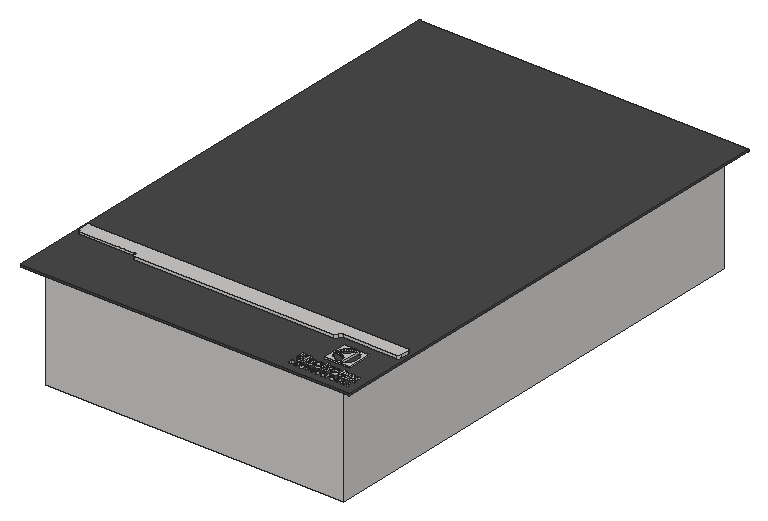
Revit family "QF_ELECTROLUXPROFESSIONAL_600882_E1HDDOMCT", category Specialty Equipment, Revit 2018
Family settings
  Round Connector Dimension = Use Diameter
  Part Type = Normal
  Work Plane-Based = No
  Always vertical = Yes
  Cut with Voids When Loaded = No
  Shared = No
  Room Calculation Point = No
Parameters (values of type "Standard")
  Watts = 0 W
  Volts = 380 V
  URL = "http://professional.electrolux.com"
  Steam Supply Size = 0 mm
  Steam Supply Minimum Pressure = 0.0 Pa
  Steam Supply Maximum Pressure = 0.0 Pa
  Steam Pounds per Hour = 0
  Show Logo [instance] = yes
  Manufacturer = "Electrolux Professional"
  Phase = 3
  Model = "E1HDDOMCT"
  Item Number = "600882"
  Hot Water Size = 0 mm
  HP = "6.7 HP"
  Gas Size = 0 mm
  Gas KW = 0
  Direct Waste Size = 0 mm
  Description = "PLUG-IN INDUCTION MONO ZONE COOK TOP, DROP-IN - 3-PHASE"
  Cycle = 60 Hz
  Condensate Return Size = 0 mm
  Compressed Air Volume = 0.0 L/s
  Compressed Air Size = 0 mm
  Compressed Air Pressure = 0.0 Pa
  Cold Water Size = 0 mm
Values of the unnamed type that differ from the named types
  Volts = 0 V
  Item Number = ""
  Cycle = 0 Hz
Reference planes
  plane 1 "Centro (Fronte/Retro)": y = 74.737
  plane 2: z = 0
  plane 3: x = -514.269
  plane 4 "LEFT": x = -709.269
  plane 5 "RIGHT": x = -319.269
  plane 6 "BACK": y = 369.737
  plane 7 "FRONT": y = -220.263
  plane 8: y = -124.263
  plane 9: z = 774
  plane 10: x = -690.269
  plane 11: x = -338.269
  plane 12: y = 355.737
  plane 13: y = -205.263
  plane 14: x = -539.269
  plane 15: y = -149.263
  plane 16: z = 900
Forms (mm)
  Extrusion 1, solid, material "QF_Finishes_Stainless Steel"
    sketch origin (0, 0, 774) x (1, 0, 0) y (0, 1, 0)
      loop
        line (-341.269, 352.737) -> (-687.269, 352.737) -> (-687.269, -202.263) -> (-341.269, -202.263) -> (-341.269, 352.737)
      loop
        line (-690.269, 355.737) -> (-690.269, -205.263) -> (-338.269, -205.263) -> (-338.269, 355.737) -> (-690.269, 355.737)
    from 21 to 126
  Extrusion 2, solid, material "QF_Finishes_Black"
    sketch origin (0, 0, 900) x (-1, 0, 0) y (0, -1, 0)
      loop
        arc (707.269, -369.737) -> (708.683, -369.151) -> (709.269, -367.737) r 2
        line (709.269, -367.737) -> (709.269, 218.263)
        arc (709.269, 218.263) -> (708.683, 219.677) -> (707.269, 220.263) r 2
        line (707.269, 220.263) -> (321.269, 220.263)
        arc (321.269, 220.263) -> (319.854, 219.677) -> (319.269, 218.263) r 2
        line (319.269, 218.263) -> (319.269, -367.737)
        arc (319.269, -367.737) -> (319.854, -369.151) -> (321.269, -369.737) r 2
        line (321.269, -369.737) -> (707.269, -369.737)
    from 0 to 2
  Extrusion 3, solid, material "QF_Finishes_Stainless Steel"
    sketch origin (0, 0, 900) x (-1, 0, 0) y (0, -1, 0)
      loop
        arc (701.269, 124.263) -> (703.39, 125.142) -> (704.269, 127.263) r 3
        line (704.269, 127.263) -> (704.269, 137.763)
        arc (704.269, 137.763) -> (703.39, 139.884) -> (701.269, 140.763) r 3
        line (701.269, 140.763) -> (637.269, 140.763)
        arc (637.269, 140.763) -> (635.147, 141.642) -> (634.269, 143.763) r 3
        arc (634.269, 143.763) -> (633.39, 145.884) -> (631.269, 146.763) r 3
        line (631.269, 146.763) -> (397.269, 146.763)
        arc (397.269, 146.763) -> (395.147, 145.884) -> (394.269, 143.763) r 3
        arc (394.269, 143.763) -> (393.39, 141.642) -> (391.269, 140.763) r 3
        line (391.269, 140.763) -> (327.269, 140.763)
        arc (327.269, 140.763) -> (325.147, 139.884) -> (324.269, 137.763) r 3
        line (324.269, 137.763) -> (324.269, 127.263)
        arc (324.269, 127.263) -> (325.147, 125.142) -> (327.269, 124.263) r 3
        line (327.269, 124.263) -> (701.269, 124.263)
    from 2 to 5
  Extrusion 4, solid, material "QF_Finishes_Stainless Steel"
    sketch origin (0, 0, 775) x (1, 0, 0) y (0, 1, 0)
      loop
        line (-690.269, 355.737) -> (-690.269, -205.263) -> (-338.269, -205.263) -> (-338.269, 355.737) -> (-690.269, 355.737)
    from 0 to 20
  Extrusion 5, solid, material "QF_Finishes_Stainless Steel"
    sketch origin (0, 0, 127) x (-1, 0, 0) y (0, -1, 0)
      loop
        circle (539.269, 149.263) r 10
    from 638.028 to 648
Cuts and joins
  joined: Extrusion 1, Extrusion 4
Lines and regions (mm)
  Split face 1
    outline origin (0, 0, 902) x (-1, 0, 0) y (0, -1, 0)
      loop
        line (324.269, 124.263) -> (324.269, -364.737) -> (704.269, -364.737) -> (704.269, 124.263) -> (324.269, 124.263)
  Split face 2
    outline origin (0, 0, 902) x (-1, 0, 0) y (0, -1, 0)
      loop
        line (704.269, -364.737) -> (704.269, 124.263) -> (324.269, 124.263) -> (324.269, -364.737) -> (704.269, -364.737)
  Split face 3
    outline origin (0, 0, 902) x (-1, 0, 0) y (0, -1, 0)
      loop
        circle (514.269, -120.237) r 139
  symbolic lines
    curve 1: arc (-375.269, 120.237, 126) -> (-514.269, 259.237, 126) -> (-653.269, 120.237, 126) r 139
    curve 2: arc (-653.269, 120.237, 126) -> (-514.269, -18.763, 126) -> (-375.269, 120.237, 126) r 139
    curve 3: line (-701.269, -140.763, 126) -> (-637.269, -140.763, 126)
    curve 4: arc (-637.269, -140.763, 126) -> (-635.147, -141.642, 126) -> (-634.269, -143.763, 126) r 3
    curve 5: arc (-634.269, -143.763, 126) -> (-633.39, -145.884, 126) -> (-631.269, -146.763, 126) r 3
    curve 6: line (-631.269, -146.763, 126) -> (-397.269, -146.763, 126)
    curve 7: arc (-397.269, -146.763, 126) -> (-395.147, -145.884, 126) -> (-394.269, -143.763, 126) r 3
    curve 8: arc (-394.269, -143.763, 126) -> (-393.39, -141.642, 126) -> (-391.269, -140.763, 126) r 3
    curve 9: line (-391.269, -140.763, 126) -> (-327.269, -140.763, 126)
    curve 10: arc (-327.269, -140.763, 126) -> (-325.147, -139.884, 126) -> (-324.269, -137.763, 126) r 3
    curve 11: line (-324.269, -137.763, 126) -> (-324.269, -127.263, 126)
    curve 12: arc (-324.269, -127.263, 126) -> (-325.147, -125.142, 126) -> (-327.269, -124.263, 126) r 3
    curve 13: line (-324.269, -124.263, 126) -> (-704.269, -124.263, 126)
    curve 14: arc (-701.269, -124.263, 126) -> (-703.39, -125.142, 126) -> (-704.269, -127.263, 126) r 3
    curve 15: line (-704.269, -127.263, 126) -> (-704.269, -137.763, 126)
    curve 16: arc (-704.269, -137.763, 126) -> (-703.39, -139.884, 126) -> (-701.269, -140.763, 126) r 3
    curve 17: line (-704.269, -124.263, 126) -> (-704.269, 364.737, 126)
    curve 18: line (-324.269, 364.737, 126) -> (-324.269, -124.263, 126)
    curve 19: line (-704.269, 364.737, 126) -> (-324.269, 364.737, 126)
    curve 20: line (-321.269, 369.737, 126) -> (-707.269, 369.737, 126)
    curve 21: arc (-707.269, 369.737, 126) -> (-708.683, 369.151, 126) -> (-709.269, 367.737, 126) r 2
    curve 22: line (-709.269, 367.737, 126) -> (-709.269, -218.263, 126)
    curve 23: arc (-709.269, -218.263, 126) -> (-708.683, -219.677, 126) -> (-707.269, -220.263, 126) r 2
    curve 24: line (-707.269, -220.263, 126) -> (-321.269, -220.263, 126)
    curve 25: arc (-321.269, -220.263, 126) -> (-319.854, -219.677, 126) -> (-319.269, -218.263, 126) r 2
    curve 26: line (-319.269, -218.263, 126) -> (-319.269, 367.737, 126)
    curve 27: arc (-319.269, 367.737, 126) -> (-319.854, 369.151, 126) -> (-321.269, 369.737, 126) r 2
    curve 28: line (-378.626, -153.452, 126) -> (-378.626, -182.168, 126)
    curve 29: line (-349.912, -153.452, 126) -> (-378.626, -153.452, 126)
    curve 30: line (-349.912, -182.168, 126) -> (-349.912, -153.452, 126)
    curve 31: line (-378.626, -182.168, 126) -> (-349.912, -182.168, 126)
    curve 32: line (-366.78, -170.975, 126) -> (-365.524, -171.98, 126)
    curve 33: line (-365.524, -171.98, 126) -> (-364.403, -173.12, 126)
    curve 34: line (-364.403, -173.12, 126) -> (-363.439, -174.381, 126)
    curve 35: line (-363.439, -174.381, 126) -> (-362.652, -175.748, 126)
    curve 36: arc (-362.652, -175.748, 126) -> (-361.85, -177.982, 126) -> (-361.568, -180.34, 126) r 10.532
    curve 37: arc (-361.568, -180.34, 126) -> (-362.906, -180.548, 126) -> (-364.258, -180.63, 126) r 14.39
    curve 38: line (-364.258, -180.63, 126) -> (-365.828, -180.532, 126)
    curve 39: line (-365.828, -180.532, 126) -> (-367.331, -180.252, 126)
    curve 40: line (-367.331, -180.252, 126) -> (-368.77, -179.801, 126)
    curve 41: line (-368.77, -179.801, 126) -> (-370.134, -179.191, 126)
    curve 42: line (-370.134, -179.191, 126) -> (-371.411, -178.434, 126)
    curve 43: line (-371.411, -178.434, 126) -> (-372.589, -177.541, 126)
    curve 44: line (-372.589, -177.541, 126) -> (-373.656, -176.525, 126)
    curve 45: line (-373.656, -176.525, 126) -> (-374.6, -175.397, 126)
    curve 46: line (-374.6, -175.397, 126) -> (-375.41, -174.168, 126)
    curve 47: line (-375.41, -174.168, 126) -> (-376.073, -172.852, 126)
    curve 48: line (-376.073, -172.852, 126) -> (-376.579, -171.46, 126)
    curve 49: line (-376.579, -171.46, 126) -> (-376.915, -170.003, 126)
    curve 50: line (-376.915, -170.003, 126) -> (-377.069, -168.493, 126)
    curve 51: line (-377.069, -168.493, 126) -> (-374.35, -168.493, 126)
    curve 52: line (-374.35, -168.493, 126) -> (-372.734, -168.602, 126)
    curve 53: line (-372.734, -168.602, 126) -> (-371.148, -168.919, 126)
    curve 54: line (-371.148, -168.919, 126) -> (-369.613, -169.43, 126)
    curve 55: line (-369.613, -169.43, 126) -> (-368.15, -170.12, 126)
    curve 56: line (-368.15, -170.12, 126) -> (-366.78, -170.975, 126)
    curve 57: line (-364.403, -162.507, 126) -> (-365.524, -163.648, 126)
    curve 58: line (-365.524, -163.648, 126) -> (-366.781, -164.654, 126)
    curve 59: line (-366.781, -164.654, 126) -> (-368.151, -165.509, 126)
    curve 60: line (-368.151, -165.509, 126) -> (-369.615, -166.2, 126)
    curve 61: line (-369.615, -166.2, 126) -> (-371.15, -166.712, 126)
    curve 62: line (-371.15, -166.712, 126) -> (-372.736, -167.029, 126)
    curve 63: line (-372.736, -167.029, 126) -> (-374.352, -167.138, 126)
    curve 64: line (-374.352, -167.138, 126) -> (-377.067, -167.138, 126)
    curve 65: line (-377.067, -167.138, 126) -> (-376.852, -165.495, 126)
    curve 66: line (-376.852, -165.495, 126) -> (-376.439, -163.92, 126)
    curve 67: line (-376.439, -163.92, 126) -> (-375.841, -162.424, 126)
    curve 68: line (-375.841, -162.424, 126) -> (-375.07, -161.023, 126)
    curve 69: line (-375.07, -161.023, 126) -> (-374.141, -159.732, 126)
    curve 70: line (-374.141, -159.732, 126) -> (-373.065, -158.564, 126)
    curve 71: line (-373.065, -158.564, 126) -> (-371.856, -157.535, 126)
    curve 72: line (-371.856, -157.535, 126) -> (-370.527, -156.661, 126)
    curve 73: line (-370.527, -156.661, 126) -> (-369.091, -155.954, 126)
    curve 74: line (-369.091, -155.954, 126) -> (-367.562, -155.431, 126)
    curve 75: line (-367.562, -155.431, 126) -> (-365.952, -155.107, 126)
    curve 76: arc (-365.952, -155.107, 126) -> (-363.752, -155.007, 126) -> (-361.567, -155.279, 126) r 13.008
    curve 77: arc (-361.567, -155.279, 126) -> (-361.815, -157.647, 126) -> (-362.651, -159.876, 126) r 9.395
    curve 78: line (-362.651, -159.876, 126) -> (-363.438, -161.245, 126)
    curve 79: line (-363.438, -161.245, 126) -> (-364.403, -162.507, 126)
    curve 80: line (-360.221, -179.969, 126) -> (-360.221, -155.646, 126)
    curve 81: line (-360.221, -155.646, 126) -> (-358.743, -156.237, 126)
    curve 82: line (-358.743, -156.237, 126) -> (-357.363, -157.003, 126)
    curve 83: line (-357.363, -157.003, 126) -> (-356.095, -157.931, 126)
    curve 84: line (-356.095, -157.931, 126) -> (-354.951, -159.007, 126)
    curve 85: line (-354.951, -159.007, 126) -> (-353.945, -160.217, 126)
    curve 86: line (-353.945, -160.217, 126) -> (-353.092, -161.548, 126)
    curve 87: line (-353.092, -161.548, 126) -> (-352.403, -162.986, 126)
    curve 88: line (-352.403, -162.986, 126) -> (-351.894, -164.517, 126)
    curve 89: line (-351.894, -164.517, 126) -> (-351.576, -166.128, 126)
    curve 90: line (-351.576, -166.128, 126) -> (-351.464, -167.804, 126)
    curve 91: line (-351.464, -167.804, 126) -> (-351.567, -169.456, 126)
    curve 92: line (-351.567, -169.456, 126) -> (-351.873, -171.047, 126)
    curve 93: line (-351.873, -171.047, 126) -> (-352.372, -172.563, 126)
    curve 94: line (-352.372, -172.563, 126) -> (-353.05, -173.992, 126)
    curve 95: line (-353.05, -173.992, 126) -> (-353.897, -175.319, 126)
    curve 96: line (-353.897, -175.319, 126) -> (-354.899, -176.532, 126)
    curve 97: line (-354.899, -176.532, 126) -> (-356.044, -177.617, 126)
    curve 98: line (-356.044, -177.617, 126) -> (-357.321, -178.56, 126)
    curve 99: line (-357.321, -178.56, 126) -> (-358.718, -179.349, 126)
    curve 100: line (-358.718, -179.349, 126) -> (-360.221, -179.969, 126)
    curve 101: line (-345.646, -192.562, 126) -> (-345.646, -194.915, 126)
    curve 102: line (-345.646, -194.915, 126) -> (-345.646, -197.715, 126)
    curve 103: arc (-345.646, -197.715, 126) -> (-341.931, -201.044, 126) -> (-338.204, -197.728, 126) r 3.745
    curve 104: line (-338.204, -197.728, 126) -> (-338.204, -194.915, 126)
    curve 105: line (-338.204, -194.915, 126) -> (-338.204, -192.562, 126)
    curve 106: line (-338.204, -192.562, 126) -> (-340.152, -192.562, 126)
    curve 107: line (-340.152, -192.562, 126) -> (-340.152, -197.299, 126)
    curve 108: arc (-340.152, -197.299, 126) -> (-341.925, -199.071, 126) -> (-343.697, -197.299, 126) r 1.772
    curve 109: line (-343.697, -197.299, 126) -> (-343.697, -192.562, 126)
    curve 110: line (-343.697, -192.562, 126) -> (-345.646, -192.562, 126)
    curve 111: line (-331.418, -192.563, 126) -> (-333.174, -194.995, 126)
    curve 112: line (-333.174, -194.995, 126) -> (-334.946, -192.563, 126)
    curve 113: line (-334.946, -192.563, 126) -> (-337.039, -192.563, 126)
    curve 114: line (-337.039, -192.563, 126) -> (-335.839, -194.205, 126)
    curve 115: line (-335.839, -194.205, 126) -> (-334.237, -196.397, 126)
    curve 116: line (-334.237, -196.397, 126) -> (-335.916, -198.735, 126)
    curve 117: line (-335.916, -198.735, 126) -> (-337.313, -200.682, 126)
    curve 118: line (-337.313, -200.682, 126) -> (-335.235, -200.682, 126)
    curve 119: line (-335.235, -200.682, 126) -> (-333.174, -197.813, 126)
    curve 120: line (-333.174, -197.813, 126) -> (-331.112, -200.682, 126)
    curve 121: line (-331.112, -200.682, 126) -> (-329.034, -200.682, 126)
    curve 122: line (-329.034, -200.682, 126) -> (-330.891, -198.085, 126)
    curve 123: line (-330.891, -198.085, 126) -> (-332.11, -196.38, 126)
    curve 124: line (-332.11, -196.38, 126) -> (-330.601, -194.325, 126)
    curve 125: line (-330.601, -194.325, 126) -> (-329.308, -192.563, 126)
    curve 126: line (-329.308, -192.563, 126) -> (-331.418, -192.563, 126)
    curve 127: line (-331.398, -205.699, 126) -> (-331.398, -209.59, 126)
    curve 128: line (-331.398, -209.59, 126) -> (-329.102, -209.59, 126)
    curve 129: line (-329.102, -209.59, 126) -> (-329.102, -208.79, 126)
    curve 130: line (-329.102, -208.79, 126) -> (-330.599, -208.79, 126)
    curve 131: line (-330.599, -208.79, 126) -> (-330.599, -205.699, 126)
    curve 132: line (-330.599, -205.699, 126) -> (-331.398, -205.699, 126)
    curve 133: line (-334.574, -209.59, 126) -> (-336.095, -205.7, 126)
    curve 134: line (-336.095, -205.7, 126) -> (-336.895, -205.7, 126)
    curve 135: line (-336.895, -205.7, 126) -> (-338.488, -209.59, 126)
    curve 136: line (-338.488, -209.59, 126) -> (-337.629, -209.59, 126)
    curve 137: line (-337.629, -209.59, 126) -> (-337.25, -208.75, 126)
    curve 138: line (-337.25, -208.75, 126) -> (-335.811, -208.75, 126)
    curve 139: line (-335.811, -208.75, 126) -> (-335.432, -209.59, 126)
    curve 140: line (-335.432, -209.59, 126) -> (-334.574, -209.59, 126)
    curve 141: line (-336.947, -207.983, 126) -> (-336.529, -206.965, 126)
    curve 142: line (-336.529, -206.965, 126) -> (-336.131, -207.983, 126)
    curve 143: line (-336.131, -207.983, 126) -> (-336.947, -207.983, 126)
    curve 144: line (-341.641, -209.59, 126) -> (-341.641, -205.699, 126)
    curve 145: line (-341.641, -205.699, 126) -> (-342.471, -205.699, 126)
    curve 146: line (-342.471, -205.699, 126) -> (-342.471, -208.219, 126)
    curve 147: line (-342.471, -208.219, 126) -> (-344.251, -205.699, 126)
    curve 148: line (-344.251, -205.699, 126) -> (-345.051, -205.699, 126)
    curve 149: line (-345.051, -205.699, 126) -> (-345.051, -209.59, 126)
    curve 150: line (-345.051, -209.59, 126) -> (-344.221, -209.59, 126)
    curve 151: line (-344.221, -209.59, 126) -> (-344.221, -207.143, 126)
    curve 152: line (-344.221, -207.143, 126) -> (-342.441, -209.59, 126)
    curve 153: line (-342.441, -209.59, 126) -> (-341.641, -209.59, 126)
    curve 154: arc (-349.119, -207.668, 126) -> (-350.407, -208.956, 126) -> (-351.695, -207.668, 126) r 1.288
    curve 155: arc (-351.695, -207.668, 126) -> (-350.407, -206.38, 126) -> (-349.119, -207.668, 126) r 1.288
    curve 156: arc (-348.342, -207.668, 126) -> (-350.407, -205.603, 126) -> (-352.472, -207.668, 126) r 2.065
    curve 157: arc (-352.472, -207.668, 126) -> (-350.407, -209.733, 126) -> (-348.342, -207.668, 126) r 2.065
    curve 158: line (-355.791, -209.59, 126) -> (-355.791, -205.699, 126)
    curve 159: line (-355.791, -205.699, 126) -> (-356.591, -205.699, 126)
    curve 160: line (-356.591, -205.699, 126) -> (-356.591, -209.59, 126)
    curve 161: line (-356.591, -209.59, 126) -> (-355.791, -209.59, 126)
    curve 162: arc (-360.746, -209.568, 126) -> (-359.926, -208.793, 126) -> (-360.211, -207.702, 126) r 1.107
    curve 163: arc (-360.211, -207.702, 126) -> (-360.788, -207.348, 126) -> (-361.405, -207.067, 126) r 5.523
    curve 164: arc (-361.405, -207.067, 126) -> (-361.745, -206.55, 126) -> (-361.183, -206.293, 126) r 0.407
    curve 165: arc (-361.183, -206.293, 126) -> (-360.846, -206.498, 126) -> (-360.566, -206.775, 126) r 1.702
    curve 166: line (-360.566, -206.775, 126) -> (-359.88, -206.363, 126)
    curve 167: arc (-359.88, -206.363, 126) -> (-360.313, -205.902, 126) -> (-360.848, -205.566, 126) r 2.463
    curve 168: arc (-360.848, -205.566, 126) -> (-362.518, -206.347, 126) -> (-361.471, -207.864, 126) r 1.207
    curve 169: line (-361.471, -207.864, 126) -> (-361.009, -208.812, 126)
    curve 170: arc (-361.009, -208.812, 126) -> (-361.653, -208.798, 126) -> (-362.132, -208.367, 126) r 0.925
    curve 171: line (-362.132, -208.367, 126) -> (-362.851, -208.718, 126)
    curve 172: arc (-362.851, -208.718, 126) -> (-361.958, -209.538, 126) -> (-360.746, -209.568, 126) r 1.725
    curve 173: arc (-366.606, -209.568, 126) -> (-365.785, -208.793, 126) -> (-366.071, -207.702, 126) r 1.107
    curve 174: arc (-366.071, -207.702, 126) -> (-366.648, -207.348, 126) -> (-367.264, -207.067, 126) r 5.523
    curve 175: arc (-367.264, -207.067, 126) -> (-367.604, -206.55, 126) -> (-367.043, -206.293, 126) r 0.407
    curve 176: arc (-367.043, -206.293, 126) -> (-366.706, -206.498, 126) -> (-366.425, -206.775, 126) r 1.702
    curve 177: line (-366.425, -206.775, 126) -> (-365.74, -206.363, 126)
    curve 178: arc (-365.74, -206.363, 126) -> (-366.172, -205.902, 126) -> (-366.708, -205.566, 126) r 2.463
    curve 179: arc (-366.708, -205.566, 126) -> (-368.378, -206.347, 126) -> (-367.331, -207.864, 126) r 1.207
    curve 180: line (-367.331, -207.864, 126) -> (-366.868, -208.812, 126)
    curve 181: arc (-366.868, -208.812, 126) -> (-367.513, -208.798, 126) -> (-367.991, -208.367, 126) r 0.925
    curve 182: line (-367.991, -208.367, 126) -> (-368.711, -208.718, 126)
    curve 183: arc (-368.711, -208.718, 126) -> (-367.818, -209.538, 126) -> (-366.606, -209.568, 126) r 1.725
    curve 184: line (-373.017, -209.59, 126) -> (-371.761, -209.59, 126)
    curve 185: line (-371.761, -209.59, 126) -> (-371.761, -208.79, 126)
    curve 186: line (-371.761, -208.79, 126) -> (-372.922, -208.79, 126)
    curve 187: arc (-372.922, -208.79, 126) -> (-373.361, -208.576, 126) -> (-373.464, -208.099, 126) r 0.558
    curve 188: line (-373.464, -208.099, 126) -> (-371.907, -208.099, 126)
    curve 189: line (-371.907, -208.099, 126) -> (-371.907, -207.299, 126)
    curve 190: line (-371.907, -207.299, 126) -> (-373.464, -207.299, 126)
    curve 191: line (-373.464, -207.299, 126) -> (-373.464, -206.499, 126)
    curve 192: line (-373.464, -206.499, 126) -> (-371.799, -206.499, 126)
    curve 193: line (-371.799, -206.499, 126) -> (-371.799, -205.699, 126)
    curve 194: line (-371.799, -205.699, 126) -> (-374.264, -205.699, 126)
    curve 195: line (-374.264, -205.699, 126) -> (-374.264, -208.344, 126)
    curve 196: arc (-374.264, -208.344, 126) -> (-373.899, -209.225, 126) -> (-373.017, -209.59, 126) r 1.246
    curve 197: line (-379.169, -209.59, 126) -> (-379.169, -208.099, 126)
    curve 198: line (-379.169, -208.099, 126) -> (-377.704, -208.099, 126)
    curve 199: line (-377.704, -208.099, 126) -> (-377.704, -207.299, 126)
    curve 200: line (-377.704, -207.299, 126) -> (-379.169, -207.299, 126)
    curve 201: line (-379.169, -207.299, 126) -> (-379.169, -206.499, 126)
    curve 202: line (-379.169, -206.499, 126) -> (-377.564, -206.499, 126)
    curve 203: line (-377.564, -206.499, 126) -> (-377.564, -205.699, 126)
    curve 204: line (-377.564, -205.699, 126) -> (-379.969, -205.699, 126)
    curve 205: line (-379.969, -205.699, 126) -> (-379.969, -209.59, 126)
    curve 206: line (-379.969, -209.59, 126) -> (-379.169, -209.59, 126)
    curve 207: arc (-387.472, -207.668, 126) -> (-385.407, -209.733, 126) -> (-383.342, -207.668, 126) r 2.065
    curve 208: arc (-384.119, -207.668, 126) -> (-385.407, -208.956, 126) -> (-386.695, -207.668, 126) r 1.288
    curve 209: arc (-386.695, -207.668, 126) -> (-385.407, -206.38, 126) -> (-384.119, -207.668, 126) r 1.288
    curve 210: arc (-383.342, -207.668, 126) -> (-385.407, -205.603, 126) -> (-387.472, -207.668, 126) r 2.065
    curve 211: line (-390.05, -209.59, 126) -> (-391.058, -207.929, 126)
    curve 212: arc (-391.058, -207.929, 126) -> (-390.677, -206.531, 126) -> (-391.863, -205.699, 126) r 1.26
    curve 213: line (-391.863, -205.699, 126) -> (-393.389, -205.699, 126)
    curve 214: line (-393.389, -205.699, 126) -> (-393.389, -209.59, 126)
    curve 215: line (-393.389, -209.59, 126) -> (-392.589, -209.59, 126)
    curve 216: line (-392.589, -209.59, 126) -> (-392.589, -208.249, 126)
    curve 217: line (-392.589, -208.249, 126) -> (-391.763, -208.249, 126)
    curve 218: line (-391.763, -208.249, 126) -> (-390.957, -209.59, 126)
    curve 219: line (-390.957, -209.59, 126) -> (-390.05, -209.59, 126)
    curve 220: line (-391.782, -207.52, 126) -> (-392.589, -207.52, 126)
    curve 221: line (-392.589, -207.52, 126) -> (-392.589, -206.434, 126)
    curve 222: line (-392.589, -206.434, 126) -> (-391.782, -206.434, 126)
    curve 223: arc (-391.782, -206.434, 126) -> (-391.383, -206.977, 126) -> (-391.782, -207.52, 126) r 0.569
    curve 224: line (-398.667, -209.59, 126) -> (-398.667, -208.271, 126)
    curve 225: line (-398.667, -208.271, 126) -> (-397.697, -208.271, 126)
    curve 226: arc (-397.697, -208.271, 126) -> (-396.674, -206.863, 126) -> (-397.967, -205.699, 126) r 1.3
    curve 227: line (-397.967, -205.699, 126) -> (-399.467, -205.699, 126)
    curve 228: line (-399.467, -205.699, 126) -> (-399.467, -209.59, 126)
    curve 229: line (-399.467, -209.59, 126) -> (-398.667, -209.59, 126)
    curve 230: line (-397.861, -207.52, 126) -> (-398.667, -207.52, 126)
    curve 231: line (-398.667, -207.52, 126) -> (-398.667, -206.434, 126)
    curve 232: line (-398.667, -206.434, 126) -> (-397.861, -206.434, 126)
    curve 233: arc (-397.861, -206.434, 126) -> (-397.461, -206.977, 126) -> (-397.861, -207.52, 126) r 0.569
    curve 234: line (-392.542, -189.445, 126) -> (-399.495, -189.445, 126)
    curve 235: line (-399.495, -189.445, 126) -> (-399.495, -193.353, 126)
    curve 236: line (-399.495, -193.353, 126) -> (-399.495, -197.154, 126)
    curve 237: arc (-399.495, -197.154, 126) -> (-398.466, -199.638, 126) -> (-395.982, -200.667, 126) r 3.513
    curve 238: line (-395.982, -200.667, 126) -> (-392.408, -200.667, 126)
    curve 239: line (-392.408, -200.667, 126) -> (-392.408, -198.85, 126)
    curve 240: line (-392.408, -198.85, 126) -> (-395.966, -198.85, 126)
    curve 241: arc (-395.966, -198.85, 126) -> (-397.094, -198.382, 126) -> (-397.562, -197.254, 126) r 1.596
    curve 242: line (-397.562, -197.254, 126) -> (-397.562, -195.74, 126)
    curve 243: line (-397.562, -195.74, 126) -> (-392.843, -195.74, 126)
    curve 244: line (-392.843, -195.74, 126) -> (-392.843, -193.917, 126)
    curve 245: line (-392.843, -193.917, 126) -> (-397.563, -193.917, 126)
    curve 246: line (-397.563, -193.917, 126) -> (-397.563, -191.264, 126)
    curve 247: line (-397.563, -191.264, 126) -> (-392.542, -191.264, 126)
    curve 248: line (-392.542, -191.264, 126) -> (-392.542, -189.445, 126)
    curve 249: line (-391.035, -189.455, 126) -> (-391.035, -194.76, 126)
    curve 250: line (-391.035, -194.76, 126) -> (-391.035, -200.681, 126)
    curve 251: line (-391.035, -200.681, 126) -> (-389.101, -200.681, 126)
    curve 252: line (-389.101, -200.681, 126) -> (-389.101, -194.721, 126)
    curve 253: line (-389.101, -194.721, 126) -> (-389.101, -189.455, 126)
    curve 254: line (-389.101, -189.455, 126) -> (-391.035, -189.455, 126)
    curve 255: arc (-380.394, -193.787, 126) -> (-383.654, -192.313, 126) -> (-386.913, -193.787, 126) r 4.34
    curve 256: arc (-386.913, -193.787, 126) -> (-387.819, -196.606, 126) -> (-386.913, -199.425, 126) r 4.838
    curve 257: arc (-386.913, -199.425, 126) -> (-383.498, -200.88, 126) -> (-380.082, -199.425, 126) r 4.737
    curve 258: line (-380.082, -199.425, 126) -> (-381.246, -198.293, 126)
    curve 259: arc (-381.246, -198.293, 126) -> (-383.382, -199.237, 126) -> (-385.517, -198.293, 126) r 2.888
    curve 260: arc (-385.517, -198.293, 126) -> (-385.841, -197.736, 126) -> (-385.905, -197.095, 126) r 1.527
    curve 261: line (-385.905, -197.095, 126) -> (-379.564, -197.095, 126)
    curve 262: arc (-379.564, -197.095, 126) -> (-379.672, -195.364, 126) -> (-380.394, -193.787, 126) r 4.757
    curve 263: arc (-385.858, -195.736, 126) -> (-385.043, -194.411, 126) -> (-383.56, -193.941, 126) r 2.23
    curve 264: arc (-383.56, -193.941, 126) -> (-382.221, -194.482, 126) -> (-381.505, -195.736, 126) r 2.201
    curve 265: line (-381.505, -195.736, 126) -> (-385.858, -195.736, 126)
    curve 266: arc (-370.832, -193.681, 126) -> (-378.564, -196.594, 126) -> (-370.832, -199.507, 126) r 4.415
    curve 267: line (-370.832, -199.507, 126) -> (-372.029, -198.26, 126)
    curve 268: arc (-372.029, -198.26, 126) -> (-376.639, -196.593, 126) -> (-372.029, -194.927, 126) r 2.606
    curve 269: line (-372.029, -194.927, 126) -> (-370.832, -193.681, 126)
    curve 270: line (-369.629, -189.455, 126) -> (-369.629, -193.481, 126)
    curve 271: line (-369.629, -193.481, 126) -> (-369.629, -197.299, 126)
    curve 272: arc (-369.629, -197.299, 126) -> (-368.592, -199.893, 126) -> (-365.911, -200.681, 126) r 3.196
    curve 273: line (-365.911, -200.681, 126) -> (-365.904, -198.864, 126)
    curve 274: arc (-365.904, -198.864, 126) -> (-367.239, -198.457, 126) -> (-367.699, -197.14, 126) r 1.542
    curve 275: line (-367.699, -197.14, 126) -> (-367.699, -194.319, 126)
    curve 276: line (-367.699, -194.319, 126) -> (-365.94, -194.319, 126)
    curve 277: line (-365.94, -194.319, 126) -> (-365.94, -192.562, 126)
    curve 278: line (-365.94, -192.562, 126) -> (-367.696, -192.562, 126)
    curve 279: line (-367.696, -192.562, 126) -> (-367.696, -189.455, 126)
    curve 280: line (-367.696, -189.455, 126) -> (-369.629, -189.455, 126)
    curve 281: arc (-359.402, -192.451, 126) -> (-361.13, -192.587, 126) -> (-362.397, -193.771, 126) r 2.627
    curve 282: line (-362.397, -193.771, 126) -> (-362.397, -192.563, 126)
    curve 283: line (-362.397, -192.563, 126) -> (-364.315, -192.563, 126)
    curve 284: line (-364.315, -192.563, 126) -> (-364.315, -196.541, 126)
    curve 285: line (-364.315, -196.541, 126) -> (-364.315, -200.681, 126)
    curve 286: line (-364.315, -200.681, 126) -> (-362.397, -200.681, 126)
    curve 287: line (-362.397, -200.681, 126) -> (-362.397, -196.412, 126)
    curve 288: arc (-362.397, -196.412, 126) -> (-361.445, -194.585, 126) -> (-359.402, -194.319, 126) r 2.229
    curve 289: line (-359.402, -194.319, 126) -> (-359.402, -192.451, 126)
    curve 290: arc (-359.088, -196.625, 126) -> (-354.668, -201.046, 126) -> (-350.248, -196.625, 126) r 4.42
    curve 291: arc (-350.248, -196.625, 126) -> (-354.668, -192.205, 126) -> (-359.088, -196.625, 126) r 4.42
    curve 292: arc (-357.176, -196.625, 126) -> (-354.668, -194.117, 126) -> (-352.16, -196.625, 126) r 2.508
    curve 293: arc (-352.16, -196.625, 126) -> (-354.668, -199.134, 126) -> (-357.176, -196.625, 126) r 2.508
    curve 294: line (-349.058, -194.566, 126) -> (-349.058, -200.682, 126)
    curve 295: line (-349.058, -200.682, 126) -> (-347.124, -200.682, 126)
    curve 296: line (-347.124, -200.682, 126) -> (-347.124, -194.643, 126)
    curve 297: line (-347.124, -194.643, 126) -> (-347.124, -189.454, 126)
    curve 298: line (-347.124, -189.454, 126) -> (-349.058, -189.454, 126)
    curve 299: line (-349.058, -189.454, 126) -> (-349.058, -194.566, 126)
Dimensions and locks
  equal spacing: plane 4 "LEFT", plane 3, plane 5 "RIGHT"
  plane 4 "LEFT" to plane 5 "RIGHT" = 390 mm
  equal spacing: plane 6 "BACK", plane 1 "Centro (Fronte/Retro)", plane 7 "FRONT"
  plane 6 "BACK" to plane 7 "FRONT" = 590 mm
  locked: plane 4 "LEFT" to plane 10 at 19
  locked: plane 11 to plane 5 "RIGHT" at 19
  locked: plane 6 "BACK" to plane 12 at 14
  locked: plane 13 to plane 7 "FRONT" at 15
  plane 14 to plane 5 "RIGHT" = 220 mm
  plane 15 to plane 7 "FRONT" = 71 mm
  Extrusion 2 to Extrusion 4 = 127 mm
  plane 16 to level = 900 mm
  aligned and locked: level to plane 2
Automatic sketch dimensions
  Extrusion 1 sketch curve to plane 10 = 0 mm
  Extrusion 1 sketch curve to plane 11 = 0 mm
  Extrusion 1 sketch curve to plane 13 = 0 mm
  Extrusion 1 sketch curve to plane 12 = 0 mm
  plane 10 to Extrusion 1 sketch curve = 3 mm
  Extrusion 1 sketch curve to plane 11 = 3 mm
  plane 13 to Extrusion 1 sketch curve = 3 mm
  Extrusion 1 sketch curve to plane 12 = 3 mm
  Extrusion 2 sketch curve to plane 5 "RIGHT" = 0 mm
  Extrusion 2 sketch curve to plane 6 "BACK" = 0 mm
  Extrusion 2 sketch curve to plane 7 "FRONT" = 0 mm
  Extrusion 2 sketch curve to plane 4 "LEFT" = 0 mm
  Extrusion 2 sketch curve to plane 5 "RIGHT" = 2 mm  (x2)
  plane 4 "LEFT" to Extrusion 2 sketch curve = 2 mm
  Extrusion 2 sketch curve to Extrusion 2 sketch curve = 2 mm
  Extrusion 3 sketch curve to plane 8 = 0 mm
  Extrusion 3 sketch curve to plane 5 "RIGHT" = 5 mm
  Extrusion 3 sketch curve to Extrusion 3 sketch curve = 3 mm  (x3)
  Extrusion 3 sketch curve to plane 8 = 19.5 mm
  Extrusion 3 sketch curve to plane 11 = 53 mm
  Extrusion 3 sketch curve to Extrusion 3 sketch curve = 6 mm  (x2)
  Extrusion 3 sketch curve to plane 8 = 22.5 mm
  plane 10 to Extrusion 3 sketch curve = 59 mm
  plane 4 "LEFT" to Extrusion 3 sketch curve = 8 mm  (x2)
  Extrusion 3 sketch curve to plane 8 = 3 mm
  Extrusion 3 sketch curve to Extrusion 3 sketch curve = 10.5 mm  (x2)
  Split face 1 sketch curve to Extrusion 2 = 5 mm  (x3)
  Split face 1 sketch curve to Extrusion 2 = 96 mm
  Extrusion 4 sketch curve to plane 10 = 0 mm
  Extrusion 4 sketch curve to plane 11 = 0 mm
  Extrusion 4 sketch curve to plane 13 = 0 mm
  Extrusion 4 sketch curve to plane 12 = 0 mm
  Extrusion 5 sketch curve to plane 14 = 0 mm
  Extrusion 5 sketch curve to plane 15 = 0 mm
  Split face 2 sketch curve to Extrusion 2 = 5 mm  (x3)
  Split face 2 sketch curve to Extrusion 2 = 96 mm
  Split face 3 sketch curve to Split face 3 sketch curve = 0 mm  (x2)
  Split face 3 sketch curve to Extrusion 2 = 195 mm
  Split face 3 sketch curve to Extrusion 2 = 249.5 mm
  Split face 3 sketch curve to Extrusion 2 = 56 mm
  curve 1 to curve 2 = 0 mm  (x2)
  curve 103 to curve 108 = 0 mm  (x2)
  curve 154 to curve 155 = 0 mm  (x2)
  curve 154 to curve 156 = 0 mm  (x2)
  curve 154 to curve 157 = 0 mm  (x2)
  curve 155 to curve 156 = 0 mm  (x2)
  curve 155 to curve 157 = 0 mm  (x2)
  curve 156 to curve 157 = 0 mm  (x2)
  curve 164 to curve 168 = 0 mm  (x2)
  curve 170 to curve 172 = 0 mm  (x2)
  curve 175 to curve 179 = 0 mm  (x2)
  curve 181 to curve 183 = 0 mm  (x2)
  curve 207 to curve 208 = 0 mm  (x2)
  curve 207 to curve 209 = 0 mm  (x2)
  curve 207 to curve 210 = 0 mm  (x2)
  curve 208 to curve 209 = 0 mm  (x2)
  curve 208 to curve 210 = 0 mm  (x2)
  curve 209 to curve 210 = 0 mm  (x2)
  curve 290 to curve 291 = 0 mm  (x2)
  curve 290 to curve 292 = 0 mm  (x2)
  curve 290 to curve 293 = 0 mm  (x2)
  curve 291 to curve 292 = 0 mm  (x2)
  curve 291 to curve 293 = 0 mm  (x2)
  curve 292 to curve 293 = 0 mm  (x2)
  curve 26 to plane 5 "RIGHT" = 0 mm
  curve 25 to plane 7 "FRONT" = 0 mm
  curve 20 to plane 6 "BACK" = 0 mm
  curve 18 to plane 8 = 0 mm
  curve 2 to plane 3 = 0 mm
  curve 23 to plane 4 "LEFT" = 0 mm
  curve 26 to curve 27 = 2 mm
  curve 25 to curve 25 = 2 mm
  curve 27 to curve 18 = 3 mm
  curve 11 to curve 13 = 0 mm
  curve 12 to plane 8 = 3 mm
  curve 10 to curve 10 = 3 mm
  plane 13 to curve 121 = 4.581 mm
  plane 11 to curve 121 = 9.234 mm
  curve 130 to plane 13 = 3.527 mm
  curve 121 to curve 130 = 0.068 mm
  curve 121 to curve 126 = 0.273 mm
  curve 132 to plane 13 = 0.436 mm
  curve 129 to curve 132 = 1.496 mm
  curve 125 to curve 125 = 1.293 mm
  curve 121 to curve 122 = 1.857 mm
  curve 121 to curve 120 = 2.078 mm
  curve 131 to curve 127 = 0.8 mm
  curve 124 to curve 111 = 0.817 mm
  curve 122 to curve 123 = 1.22 mm
  curve 123 to curve 112 = 1.064 mm
  curve 123 to curve 120 = 1.064 mm
  curve 111 to curve 116 = 1.063 mm
  curve 127 to curve 140 = 3.175 mm
  curve 111 to curve 113 = 1.772 mm
  plane 11 to curve 118 = 3.033 mm
  curve 133 to curve 139 = 0.859 mm
  curve 139 to curve 139 = 0.379 mm
  curve 112 to curve 115 = 0.893 mm
  curve 118 to curve 117 = 0.68 mm
  curve 134 to plane 13 = 0.437 mm
  plane 11 to curve 134 = 2.174 mm
  curve 138 to curve 143 = 0.32 mm
  curve 142 to curve 142 = 0.398 mm
  curve 133 to curve 135 = 0.8 mm
  curve 142 to curve 141 = 0.815 mm
  plane 11 to curve 114 = 1.23 mm
  curve 141 to curve 137 = 0.304 mm
  plane 11 to curve 117 = 0.955 mm
  plane 11 to curve 137 = 0.64 mm
  plane 11 to curve 106 = 0.064 mm
  curve 136 to plane 11 = 0.219 mm
  curve 107 to plane 11 = 1.884 mm
  curve 144 to plane 13 = 0.436 mm
  curve 144 to plane 11 = 3.372 mm
  curve 108 to curve 103 = 1.772 mm
  curve 144 to curve 153 = 0.8 mm
  curve 144 to curve 146 = 0.83 mm
  curve 146 to curve 151 = 1.749 mm
  curve 148 to plane 13 = 0.436 mm
  curve 151 to curve 148 = 0.031 mm
  curve 147 to curve 148 = 0.8 mm
  curve 108 to curve 102 = 1.95 mm
  curve 101 to curve 297 = 1.478 mm
  curve 297 to curve 299 = 1.934 mm
  curve 29 to plane 15 = 4.189 mm
  curve 29 to plane 11 = 11.643 mm
  curve 154 to plane 13 = 2.405 mm
  curve 149 to curve 154 = 5.356 mm
  curve 91 to plane 11 = 13.196 mm
  curve 90 to curve 91 = 0.102 mm
  curve 90 to curve 89 = 0.112 mm
  curve 91 to curve 92 = 0.306 mm
  curve 89 to curve 88 = 0.317 mm
  curve 92 to curve 94 = 0.499 mm
  curve 88 to curve 88 = 0.51 mm
  curve 93 to curve 95 = 0.679 mm
  curve 87 to curve 87 = 0.688 mm
  curve 94 to curve 96 = 0.846 mm
  curve 86 to curve 85 = 0.854 mm
  curve 294 to curve 293 = 5.61 mm
  curve 95 to curve 97 = 1.002 mm
  curve 85 to curve 84 = 1.005 mm
  curve 159 to plane 13 = 0.436 mm
  curve 154 to curve 159 = 5.384 mm
  curve 96 to curve 97 = 1.146 mm
  curve 84 to plane 15 = 8.668 mm
  curve 84 to curve 84 = 1.144 mm
  curve 158 to curve 159 = 0.8 mm
  curve 97 to curve 99 = 1.277 mm
  curve 83 to plane 15 = 7.74 mm
  curve 83 to curve 83 = 1.269 mm
  curve 98 to curve 99 = 1.396 mm
  curve 82 to plane 15 = 6.974 mm
  curve 82 to curve 82 = 1.38 mm
  curve 293 to curve 289 = 4.734 mm
  curve 166 to plane 13 = 1.1 mm
  curve 159 to curve 166 = 3.289 mm
  curve 288 to curve 281 = 0.669 mm
  curve 281 to curve 288 = 0.097 mm
  curve 99 to curve 80 = 1.503 mm
  curve 166 to plane 13 = 1.512 mm
  curve 167 to curve 166 = 0.686 mm
  curve 165 to curve 162 = 0.424 mm
  curve 169 to plane 13 = 3.549 mm
  curve 162 to curve 169 = 0.019 mm
  curve 162 to curve 172 = 0.322 mm
  curve 166 to curve 164 = 0.787 mm
  curve 169 to plane 13 = 2.601 mm
  curve 170 to curve 169 = 0.159 mm
  curve 168 to curve 167 = 0.407 mm
  curve 167 to curve 165 = 0.016 mm
  curve 171 to plane 13 = 3.104 mm
  curve 165 to curve 171 = 0.238 mm
  curve 281 to curve 282 = 2.326 mm
  curve 288 to curve 287 = 2.229 mm
  curve 78 to plane 15 = 10.613 mm
  curve 80 to curve 78 = 2.43 mm
  curve 80 to curve 35 = 2.431 mm
  curve 171 to plane 13 = 3.455 mm
  curve 170 to curve 171 = 0.719 mm
  curve 172 to curve 163 = 0.53 mm
  curve 79 to plane 15 = 11.982 mm
  curve 77 to curve 79 = 0.787 mm
  curve 35 to curve 34 = 0.787 mm
  curve 80 to curve 38 = 4.037 mm
  curve 34 to curve 76 = 0.823 mm
  curve 282 to curve 283 = 1.918 mm
  curve 78 to curve 79 = 0.965 mm
  curve 34 to curve 33 = 0.964 mm
  curve 76 to curve 37 = 0.187 mm
  curve 33 to curve 32 = 1.121 mm
  curve 57 to curve 58 = 1.121 mm
  curve 177 to plane 13 = 1.1 mm
  curve 171 to curve 177 = 2.889 mm
  curve 37 to curve 38 = 1.57 mm
  plane 13 to curve 273 = 6.399 mm
  curve 285 to curve 273 = 1.589 mm
  plane 13 to curve 273 = 4.582 mm
  curve 285 to curve 273 = 1.596 mm
  curve 283 to curve 276 = 1.625 mm
  curve 75 to plane 15 = 5.844 mm
  curve 80 to curve 75 = 5.73 mm
  curve 274 to curve 274 = 0.266 mm
  curve 177 to plane 13 = 1.512 mm
  curve 177 to curve 177 = 0.686 mm
  curve 274 to curve 272 = 0.271 mm
  curve 32 to curve 32 = 1.256 mm
  curve 57 to curve 59 = 1.256 mm
  curve 176 to curve 173 = 0.424 mm
  curve 180 to plane 13 = 3.549 mm
  curve 173 to curve 180 = 0.019 mm
  curve 173 to curve 181 = 0.322 mm
  curve 176 to curve 175 = 0.787 mm
  curve 180 to plane 13 = 2.601 mm
  curve 181 to curve 180 = 0.159 mm
  curve 38 to curve 39 = 1.503 mm
  curve 74 to plane 15 = 6.168 mm
  curve 76 to curve 74 = 1.61 mm
  curve 277 to curve 279 = 1.755 mm
  curve 278 to curve 275 = 0.003 mm
  curve 179 to curve 178 = 0.407 mm
  curve 178 to curve 176 = 0.016 mm
  curve 182 to plane 13 = 3.104 mm
  curve 176 to curve 182 = 0.238 mm
  curve 32 to curve 55 = 1.37 mm
  curve 58 to curve 59 = 1.37 mm
  curve 182 to plane 13 = 3.455 mm
  curve 181 to curve 182 = 0.719 mm
  curve 39 to curve 40 = 1.439 mm
  curve 74 to plane 15 = 6.691 mm
  curve 74 to curve 74 = 1.53 mm
  curve 182 to curve 174 = 0.53 mm
  curve 55 to curve 55 = 1.463 mm
  curve 59 to curve 61 = 1.464 mm
  curve 275 to curve 271 = 1.931 mm
  curve 40 to curve 41 = 1.364 mm
  curve 73 to plane 15 = 7.398 mm
  curve 73 to curve 73 = 1.436 mm
  plane 13 to curve 269 = 11.582 mm
  curve 270 to curve 269 = 1.203 mm
  plane 13 to curve 267 = 5.756 mm
  curve 271 to curve 267 = 1.203 mm
  curve 72 to curve 77 = 0.433 mm
  curve 54 to curve 54 = 1.535 mm
  curve 60 to curve 61 = 1.535 mm
  curve 41 to curve 42 = 1.277 mm
  curve 182 to curve 184 = 3.05 mm
  curve 185 to curve 193 = 0.038 mm
  curve 71 to plane 15 = 8.272 mm
  curve 72 to curve 71 = 1.329 mm
  curve 185 to curve 189 = 0.146 mm
  plane 13 to curve 267 = 7.003 mm
  curve 266 to curve 267 = 1.197 mm
  plane 13 to curve 269 = 10.336 mm
  curve 266 to curve 269 = 1.197 mm
  curve 42 to curve 36 = 0.689 mm
  curve 42 to curve 44 = 1.178 mm
  curve 53 to curve 52 = 1.586 mm
  curve 52 to curve 63 = 0.002 mm
  curve 188 to curve 187 = 1.015 mm
  curve 187 to curve 196 = 0.095 mm
  curve 70 to plane 15 = 9.301 mm
  curve 71 to curve 70 = 1.209 mm
  curve 192 to curve 191 = 1.664 mm
  curve 196 to curve 188 = 0.446 mm
  curve 43 to curve 45 = 1.067 mm
  curve 268 to curve 268 = 2.004 mm
  curve 70 to plane 15 = 10.469 mm
  curve 70 to curve 70 = 1.076 mm
  curve 268 to curve 266 = 0.116 mm
  curve 187 to curve 195 = 0.8 mm
  curve 52 to curve 52 = 1.616 mm
  curve 63 to plane 15 = 17.875 mm
  curve 51 to curve 63 = 0.002 mm
  curve 44 to curve 45 = 0.944 mm
  curve 68 to plane 15 = 11.76 mm
  curve 69 to curve 68 = 0.93 mm
  curve 45 to curve 47 = 0.81 mm
  curve 68 to plane 15 = 13.161 mm
  curve 68 to curve 68 = 0.771 mm
  curve 46 to curve 47 = 0.664 mm
  curve 66 to plane 15 = 14.657 mm
  curve 67 to curve 66 = 0.598 mm
  curve 47 to curve 48 = 0.506 mm
  curve 66 to plane 15 = 16.232 mm
  curve 66 to curve 66 = 0.413 mm
  curve 48 to curve 49 = 0.336 mm
  curve 65 to curve 65 = 0.215 mm
  curve 64 to curve 51 = 0.002 mm
  curve 204 to plane 13 = 0.436 mm
  curve 194 to curve 204 = 3.3 mm
  curve 202 to curve 200 = 0.141 mm
  curve 36 to curve 28 = 6.525 mm
  curve 198 to curve 197 = 1.464 mm
  curve 202 to curve 197 = 0 mm
  curve 266 to curve 261 = 5.415 mm
  curve 197 to curve 206 = 0.8 mm
  plane 13 to curve 258 = 5.838 mm
  curve 262 to curve 258 = 0.518 mm
  plane 13 to curve 258 = 6.97 mm
  curve 258 to curve 258 = 1.164 mm
  curve 262 to curve 265 = 1.941 mm
  curve 264 to curve 256 = 1.476 mm
  curve 256 to curve 259 = 0.401 mm
  curve 259 to curve 257 = 0.116 mm
  curve 259 to curve 255 = 0.272 mm
  curve 257 to curve 264 = 0.171 mm
  curve 264 to curve 263 = 0.001 mm
  curve 255 to curve 262 = 0.632 mm
  curve 262 to curve 260 = 0.102 mm
  curve 208 to plane 13 = 2.405 mm
  curve 205 to curve 208 = 5.439 mm
  curve 262 to curve 265 = 1.572 mm
  curve 263 to curve 261 = 0.048 mm
  curve 263 to curve 254 = 3.244 mm
  curve 207 to curve 219 = 4.643 mm
  curve 218 to plane 13 = 4.327 mm
  curve 211 to curve 218 = 0.907 mm
  curve 252 to curve 250 = 1.933 mm
  curve 211 to plane 13 = 2.666 mm
  curve 218 to curve 211 = 0.101 mm
  curve 212 to curve 217 = 0.705 mm
  curve 217 to curve 220 = 0.02 mm
  curve 222 to curve 220 = 0 mm
  curve 223 to curve 212 = 0.08 mm
  curve 212 to curve 223 = 0.089 mm
  curve 250 to curve 238 = 1.373 mm
  curve 249 to curve 248 = 1.507 mm
  curve 217 to curve 216 = 0.826 mm
  curve 223 to curve 222 = 0.806 mm
  curve 249 to curve 244 = 1.808 mm
  curve 213 to plane 13 = 0.436 mm
  curve 221 to curve 213 = 0.8 mm
  curve 239 to curve 240 = 3.558 mm
  curve 240 to curve 238 = 0.017 mm
  curve 237 to curve 242 = 1.58 mm
  curve 242 to curve 246 = 0.001 mm
  curve 214 to curve 225 = 4.308 mm
  curve 225 to curve 232 = 0.164 mm
  curve 225 to curve 230 = 0.164 mm
  curve 233 to curve 227 = 0.107 mm
  curve 226 to curve 233 = 0.063 mm
  curve 225 to curve 224 = 0.97 mm
  curve 230 to curve 224 = 0 mm
  curve 228 to plane 13 = 0.436 mm
  curve 231 to curve 228 = 0.8 mm
  curve 242 to curve 236 = 1.933 mm
  plane 15 to curve 9 = 8.5 mm
  plane 3 to curve 9 = 123 mm
  curve 8 to curve 7 = 6 mm
  plane 15 to curve 6 = 2.5 mm
  plane 10 to curve 6 = 59 mm
  curve 5 to curve 4 = 6 mm
  plane 4 "LEFT" to curve 3 = 8 mm
  curve 14 to plane 8 = 3 mm
  plane 4 "LEFT" to curve 14 = 8 mm
  plane 4 "LEFT" to curve 17 = 5 mm
  plane 4 "LEFT" to curve 20 = 2 mm
  plane 4 "LEFT" to curve 23 = 2 mm
  curve 21 to curve 17 = 3 mm
  curve 2 to plane 1 "Centro (Fronte/Retro)" = 45.5 mm
  curve 15 to curve 15 = 10.5 mm
  curve 7 to curve 6 = 3 mm
  curve 3 to curve 4 = 3 mm
  curve 77 to curve 72 = 1.171 mm
  curve 81 to curve 81 = 0.591 mm
  curve 83 to curve 85 = 1.076 mm
  curve 84 to curve 85 = 1.21 mm
  curve 85 to curve 87 = 1.331 mm
  curve 78 to curve 57 = 1.262 mm
  curve 86 to curve 87 = 1.438 mm
  curve 57 to curve 57 = 1.141 mm
  curve 87 to curve 89 = 1.531 mm
  curve 57 to curve 58 = 1.006 mm
  curve 58 to curve 59 = 0.856 mm
  curve 88 to curve 90 = 1.611 mm
  curve 59 to curve 60 = 0.691 mm
  curve 57 to curve 37 = 2.593 mm
  curve 60 to curve 62 = 0.512 mm
  curve 61 to curve 63 = 0.318 mm
  curve 89 to curve 91 = 1.677 mm
  curve 37 to curve 76 = 1.764 mm
  curve 64 to curve 50 = 1.354 mm
  curve 62 to curve 52 = 1.573 mm
  curve 52 to curve 54 = 0.317 mm
  curve 53 to curve 55 = 0.511 mm
  curve 90 to curve 91 = 1.652 mm
  curve 50 to curve 50 = 1.51 mm
  curve 54 to curve 56 = 0.69 mm
  curve 55 to curve 56 = 0.855 mm
  curve 91 to curve 93 = 1.591 mm
  curve 49 to curve 49 = 1.457 mm
  curve 32 to curve 32 = 1.005 mm
  curve 92 to curve 93 = 1.516 mm
  curve 48 to curve 48 = 1.393 mm
  curve 32 to curve 33 = 1.14 mm
  curve 93 to curve 94 = 1.429 mm
  curve 47 to curve 46 = 1.316 mm
  curve 33 to curve 35 = 1.261 mm
  curve 94 to curve 95 = 1.327 mm
  curve 46 to curve 45 = 1.228 mm
  curve 34 to curve 35 = 1.367 mm
  curve 45 to curve 45 = 1.128 mm
  curve 95 to curve 97 = 1.213 mm
  curve 44 to curve 43 = 1.016 mm
  curve 96 to curve 97 = 1.085 mm
  curve 43 to curve 43 = 0.893 mm
  curve 97 to curve 98 = 0.943 mm
  curve 42 to curve 41 = 0.757 mm
  curve 98 to curve 99 = 0.789 mm
  curve 41 to curve 41 = 0.61 mm
  curve 99 to curve 80 = 0.62 mm
  curve 40 to curve 40 = 0.451 mm
  curve 42 to curve 36 = 1.968 mm
  curve 39 to curve 38 = 0.28 mm
  curve 38 to curve 38 = 0.098 mm
  curve 96 to curve 31 = 5.636 mm
  curve 248 to curve 258 = 8.848 mm
  curve 30 to curve 298 = 7.286 mm
  curve 234 to curve 249 = 0.01 mm
  curve 270 to curve 266 = 4.226 mm
  curve 234 to curve 246 = 1.819 mm
  curve 279 to curve 289 = 2.995 mm
  curve 297 to curve 107 = 3.108 mm
  curve 279 to curve 278 = 3.107 mm
  curve 109 to curve 106 = 0 mm
  curve 105 to curve 111 = 0.001 mm
  curve 105 to curve 112 = 0.001 mm
  curve 277 to curve 284 = 0.001 mm
  curve 246 to curve 236 = 2.089 mm
  curve 271 to curve 269 = 0.2 mm
  curve 282 to curve 282 = 1.208 mm
  curve 235 to curve 245 = 0.564 mm
  curve 112 to curve 114 = 1.642 mm
  curve 278 to curve 275 = 1.756 mm
  curve 289 to curve 281 = 0.672 mm
  curve 111 to curve 124 = 1.761 mm
  curve 101 to curve 294 = 2.004 mm
  curve 294 to curve 296 = 0.077 mm
  curve 244 to curve 252 = 0.804 mm
  curve 252 to curve 250 = 0.039 mm
  curve 296 to curve 102 = 0.272 mm
  curve 105 to curve 104 = 2.353 mm
  curve 124 to curve 112 = 0.67 mm
  curve 265 to curve 258 = 2.557 mm
  curve 244 to curve 244 = 1.823 mm
  curve 264 to curve 264 = 0.403 mm
  curve 264 to curve 257 = 0.003 mm
  curve 264 to curve 263 = 0.029 mm
  curve 257 to curve 259 = 0.207 mm
  curve 111 to curve 124 = 1.386 mm
  curve 111 to curve 116 = 1.402 mm
  curve 263 to curve 262 = 0.353 mm
  curve 287 to curve 284 = 0.129 mm
  curve 259 to curve 256 = 0.257 mm
  curve 288 to curve 291 = 2.307 mm
  curve 259 to curve 255 = 0.304 mm
  curve 261 to curve 258 = 1.198 mm
  curve 275 to curve 274 = 1.724 mm
  curve 242 to curve 237 = 1.414 mm
  curve 237 to curve 241 = 0.1 mm
  curve 262 to curve 260 = 0.744 mm
  curve 104 to curve 108 = 2.384 mm
  curve 275 to curve 271 = 0.159 mm
  curve 108 to curve 102 = 0.416 mm
  curve 115 to curve 120 = 1.417 mm
  curve 123 to curve 123 = 1.705 mm
  curve 104 to curve 116 = 1.007 mm
  curve 272 to curve 286 = 0 mm
  curve 238 to curve 250 = 0.014 mm
  curve 116 to curve 119 = 1.947 mm
  curve 290 to curve 294 = 4.056 mm
  curve 193 to plane 13 = 0.436 mm
  curve 226 to curve 232 = 0.735 mm
  curve 221 to curve 212 = 0.525 mm
  curve 204 to curve 202 = 0.8 mm
  curve 193 to curve 193 = 0.8 mm
  curve 175 to curve 176 = 0.112 mm
  curve 168 to curve 165 = 0.112 mm
  curve 134 to curve 141 = 1.265 mm
  curve 232 to curve 233 = 0.543 mm
  curve 212 to curve 223 = 0.018 mm
  curve 233 to curve 226 = 0.022 mm
  curve 147 to curve 152 = 1.444 mm
  curve 201 to curve 200 = 0.8 mm
  curve 191 to curve 190 = 0.8 mm
  curve 167 to curve 168 = 0.061 mm
  curve 178 to curve 179 = 0.061 mm
  curve 167 to curve 165 = 0.035 mm
  curve 178 to curve 176 = 0.035 mm
  curve 141 to curve 143 = 1.018 mm
  curve 189 to curve 188 = 0.8 mm
  curve 200 to curve 198 = 0.8 mm
  curve 151 to curve 147 = 1.076 mm
  curve 187 to curve 187 = 0.134 mm
  curve 223 to curve 217 = 0.729 mm
  curve 187 to curve 196 = 0.112 mm
  curve 162 to curve 169 = 0.324 mm
  curve 173 to curve 180 = 0.324 mm
  curve 142 to curve 138 = 0.767 mm
  curve 216 to curve 216 = 1.341 mm
  curve 197 to curve 206 = 1.491 mm
  curve 224 to curve 224 = 1.319 mm
  curve 156 to curve 161 = 1.922 mm
  curve 146 to curve 153 = 1.371 mm
  curve 151 to curve 152 = 0 mm
  curve 130 to curve 127 = 0.8 mm
  curve 138 to curve 140 = 0.84 mm
  curve 137 to curve 137 = 0.84 mm
  curve 172 to curve 163 = 3.506 mm
  curve 182 to curve 174 = 3.506 mm
  curve 156 to curve 154 = 2.065 mm
  curve 156 to curve 155 = 0.776 mm
  curve 294 to curve 290 = 1.19 mm
  curve 290 to curve 292 = 1.912 mm
  curve 163 to curve 165 = 0.355 mm
  curve 162 to curve 170 = 0.263 mm
  curve 164 to curve 165 = 0 mm
  curve 173 to curve 177 = 0.355 mm
  curve 173 to curve 181 = 0.263 mm
  curve 175 to curve 176 = 0 mm
  curve 2 to plane 11 = 37 mm
  curve 262 to curve 265 = 1.111 mm
  curve 210 to curve 207 = 2.065 mm
  curve 207 to curve 209 = 0.776 mm
  curve 259 to curve 256 = 1.396 mm
  radius of Extrusion 5 sketch curve = 10 mm
Nested families
  nested 1: "ELX_Logo_Professional" at (-364.269, -185.263, 902), visible <- "Show Logo", type "ELX_Logo_Professional"
Connectors
  electrical at (-539.269, -149.263, 765.028)
    settings: on Extrusion 5, index 1, voltage 0 V, apparent load 0 VA, apparent load phase1 0 VA, apparent load phase2 0 VA, apparent load phase3 0 VA, power factor 1, load classification "Altro", number of poles 1, system type 30, power factor state 1, is connector primary yes, connector utility no, sub classification motor no, connector description "Electrical"
Definition of nested family "ELX_Logo_Professional"
  Parameters (values of type "ELX_Logo_Professional")
    Default Elevation = 0 mm
  Reference planes
    plane 1 "Centro (Fronte/Retro)": y = 0
    plane 2: z = 0
    plane 3 "Centro (Sinistra/Destra)": x = 0
  Forms (mm)
    Extrusion 1, solid
      sketch origin (0, 0, 0) x (1, 0, 0) y (0, 1, 0)
        loop
          line (-1219.2, 1219.2) -> (-1219.2, -1219.2) -> (1219.2, -1219.2) -> (1219.2, 1219.2) -> (-1219.2, 1219.2)
      from 0 to -304.8
    Extrusion 2, solid
      sketch origin (-144.622, -1081.55, 0) x (-1, 0, 0) y (0, -1, 0)
        loop
          line (-130.265, -1113.361) -> (-130.265, -1084.645) -> (-158.979, -1084.645) -> (-158.979, -1113.361) -> (-130.265, -1113.361)
        loop
          arc (-146.24, -1106.937) -> (-147.076, -1109.166) -> (-147.324, -1111.534) r 9.395
          arc (-147.324, -1111.534) -> (-145.139, -1111.806) -> (-142.939, -1111.706) r 13.008
          line (-142.939, -1111.706) -> (-141.329, -1111.382) -> (-139.8, -1110.859) -> (-138.364, -1110.152) -> (-137.035, -1109.277) -> (-135.826, -1108.249) -> (-134.751, -1107.081) -> (-133.821, -1105.789) -> (-133.05, -1104.389) -> (-132.452, -1102.893) -> (-132.039, -1101.318) -> (-131.824, -1099.675) -> (-134.539, -1099.675) -> (-136.155, -1099.784) -> (-137.741, -1100.101) -> (-139.277, -1100.613) -> (-140.74, -1101.304) -> (-142.111, -1102.159) -> (-143.367, -1103.165) -> (-144.488, -1104.306) -> (-145.453, -1105.568) -> (-146.24, -1106.937)
        loop
          line (-148.67, -1086.844) -> (-150.173, -1087.464) -> (-151.57, -1088.253) -> (-152.847, -1089.196) -> (-153.992, -1090.281) -> (-154.994, -1091.494) -> (-155.841, -1092.821) -> (-156.519, -1094.25) -> (-157.018, -1095.766) -> (-157.324, -1097.357) -> (-157.427, -1099.009) -> (-157.315, -1100.685) -> (-156.998, -1102.296) -> (-156.488, -1103.827) -> (-155.799, -1105.265) -> (-154.946, -1106.596) -> (-153.94, -1107.806) -> (-152.796, -1108.882) -> (-151.528, -1109.81) -> (-150.148, -1110.576) -> (-148.67, -1111.167) -> (-148.67, -1086.844)
        loop
          arc (-147.323, -1086.473) -> (-147.041, -1088.83) -> (-146.239, -1091.065) r 10.532
          line (-146.239, -1091.065) -> (-145.452, -1092.432) -> (-144.488, -1093.693) -> (-143.367, -1094.833) -> (-142.111, -1095.838) -> (-140.741, -1096.693) -> (-139.278, -1097.383) -> (-137.743, -1097.894) -> (-136.157, -1098.211) -> (-134.541, -1098.32) -> (-131.822, -1098.32) -> (-131.976, -1096.81) -> (-132.312, -1095.353) -> (-132.818, -1093.961) -> (-133.481, -1092.644) -> (-134.291, -1091.416) -> (-135.235, -1090.288) -> (-136.302, -1089.272) -> (-137.48, -1088.379) -> (-138.757, -1087.622) -> (-140.121, -1087.012) -> (-141.56, -1086.561) -> (-143.063, -1086.281) -> (-144.633, -1086.183)
          arc (-144.633, -1086.183) -> (-145.985, -1086.264) -> (-147.323, -1086.473) r 14.39
        loop
          line (-111.329, -1069.559) -> (-111.329, -1071.073) -> (-116.048, -1071.073) -> (-116.048, -1072.896) -> (-111.328, -1072.896) -> (-111.328, -1075.549) -> (-116.349, -1075.549) -> (-116.349, -1077.368) -> (-109.396, -1077.368) -> (-109.396, -1073.46) -> (-109.396, -1069.659)
          arc (-109.396, -1069.659) -> (-110.425, -1067.175) -> (-112.909, -1066.146) r 3.513
          line (-112.909, -1066.146) -> (-116.483, -1066.146) -> (-116.483, -1067.963) -> (-112.925, -1067.963)
          arc (-112.925, -1067.963) -> (-111.797, -1068.431) -> (-111.329, -1069.559) r 1.596
        loop
          line (-119.79, -1077.358) -> (-117.856, -1077.358) -> (-117.856, -1072.053) -> (-117.856, -1066.132) -> (-119.79, -1066.132) -> (-119.79, -1072.092) -> (-119.79, -1077.358)
        loop
          line (-122.986, -1069.718) -> (-129.327, -1069.718)
          arc (-129.327, -1069.718) -> (-129.219, -1071.449) -> (-128.497, -1073.026) r 4.757
          arc (-128.497, -1073.026) -> (-125.237, -1074.5) -> (-121.978, -1073.026) r 4.34
          arc (-121.978, -1073.026) -> (-121.072, -1070.207) -> (-121.978, -1067.388) r 4.838
          arc (-121.978, -1067.388) -> (-125.393, -1065.933) -> (-128.809, -1067.388) r 4.737
          line (-128.809, -1067.388) -> (-127.645, -1068.52)
          arc (-127.645, -1068.52) -> (-125.509, -1067.576) -> (-123.374, -1068.52) r 2.888
          arc (-123.374, -1068.52) -> (-123.05, -1069.077) -> (-122.986, -1069.718) r 1.527
        loop
          arc (-127.386, -1071.076) -> (-126.67, -1072.331) -> (-125.331, -1072.872) r 2.201
          arc (-125.331, -1072.872) -> (-123.848, -1072.402) -> (-123.033, -1071.076) r 2.23
          line (-123.033, -1071.076) -> (-127.386, -1071.076)
        loop
          line (-136.862, -1071.886) -> (-138.059, -1073.132)
          arc (-138.059, -1073.132) -> (-130.327, -1070.219) -> (-138.059, -1067.306) r 4.415
          line (-138.059, -1067.306) -> (-136.862, -1068.553)
          arc (-136.862, -1068.553) -> (-132.252, -1070.22) -> (-136.862, -1071.886) r 2.606
        loop
          line (-141.192, -1069.673) -> (-141.192, -1072.494) -> (-142.951, -1072.494) -> (-142.951, -1074.25) -> (-141.195, -1074.25) -> (-141.195, -1077.358) -> (-139.262, -1077.358) -> (-139.262, -1073.332) -> (-139.262, -1069.514)
          arc (-139.262, -1069.514) -> (-140.299, -1066.92) -> (-142.98, -1066.132) r 3.196
          line (-142.98, -1066.132) -> (-142.987, -1067.949)
